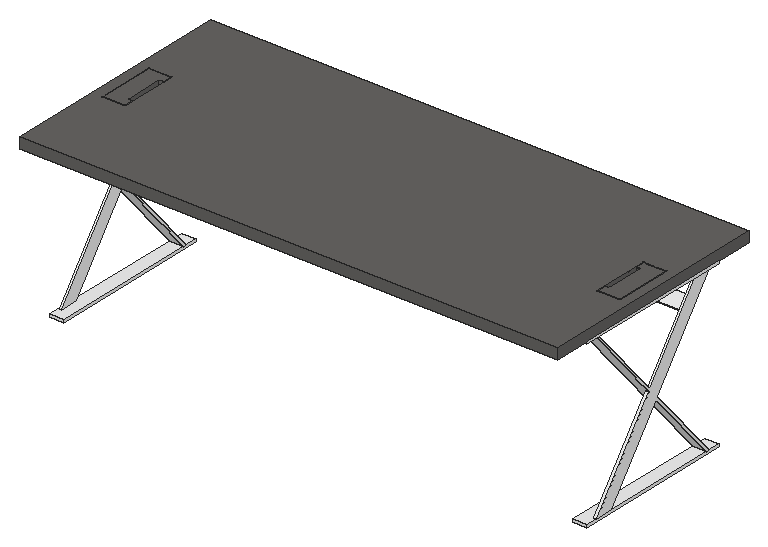
Revit family "Table-Teknion-ZXXT_X_Leg-R2011", category Furniture, Revit 2013
Parameters (values of type "(See Type Catalog)")
  With Grommets = yes
  Width = 90"
  Warranty = "http://www.teknionstudio.com/pdfs/Teknion%20Studio%20Warranty.pdf"
  Unit Weight = 0.00 lbf
  URL = "www.teknionstudio.com"
  Table Top Finish [instance] = Veneer - Teknion - P7 - Grey Oak
  Series = "B&B Italia"
  Product Page URL = "http://www.teknionstudio.com/acexecutive/"
  Product Line = "AC Executive"
  Product Documentation Link = "http://www.teknionstudio.com/pricing/ac_executive_ppg.pdf"
  Part Number = "ZXXT"
  Model = ""
  Manufacturer Phone = "919-464-2920"
  Manufacturer Fax = "919-464-2927"
  Manufacturer Email = "customersupport@teknionstudio.com"
  Manufacturer Address = "3940 US 70 Business HWY West, Clayton, NC 27520"
  Manufacturer = "Teknion Studio"  # constant formula
  Low Emitting Material = yes
  Low Emitting Finish = yes
  Height = 29.684"
  Grommet Void = if(With Grommets, 10 1/2", 2")  # 10 1/2"
  Frame Finish = Metal - Teknion - C6 - Chrome
  Description = ""
  Depth = 40"
  Assembly Code = "E2020200"
Reference planes (in)
  plane 1 "Center F/B": y = 0
  plane 2: z = 0
  plane 3 "Center L/R": x = 0
  plane 4 "Left": x = -45
  plane 5 "Right": x = 45
  plane 6 "Back": y = 20
  plane 7 "Front": y = -20
  plane 8 "Top": z = 29.684
  plane 9: z = 27.9123
  plane 10: y = 13.77955
  plane 11: y = -13.77955
  plane 12: z = 19.684
  plane 13: z = 30.184
Forms (in)
  Sweep 1, solid, material "Veneer - Teknion - P7 - Grey Oak" <- "Table Top Finish"
    path origin (0, 0, 15.40683) x (-1, 0, 0) y (0, -1, 0)
      loop
        line (-45, 0) -> (45, 0)
    profile origin (0, 0, 15.40683) x (0, -1, 0) y (0, 0, 1)
      loop
        line (-20, 14.27717) -> (-20, 12.50547) -> (20, 12.50547) -> (20, 14.27717) -> (-20, 14.27717)
  Sweep 2, solid, material "Metal - Teknion - C6 - Chrome" <- "Frame Finish"
    path origin (0, 0, 29.684) x (-1, 0, 0) y (0, -1, 0)
      loop
        line (0, -13.77955) -> (0, 13.77955)
    profile origin (0, 0, 29.684) x (1, 0, 0) y (0, 0, 1)
      loop
        line (-45, -1.7717) -> (-45, -2.1654) -> (-42.6378, -2.1654) -> (-42.6378, -1.7717) -> (-45, -1.7717)
      loop
        line (45, -1.7717) -> (42.6378, -1.7717) -> (42.6378, -2.1654) -> (45, -2.1654) -> (45, -1.7717)
      loop
        line (45, -29.2903) -> (42.6378, -29.2903) -> (42.6378, -29.684) -> (45, -29.684) -> (45, -29.2903)
      loop
        line (-45, -29.2903) -> (-45, -29.684) -> (-42.6378, -29.684) -> (-42.6378, -29.2903) -> (-45, -29.2903)
  Sweep 3, solid, material "Metal - Teknion - C6 - Chrome" <- "Frame Finish"
    path origin (0, 0, 29.684) x (-1, 0, 0) y (0, -1, 0)
      loop
        line (42.6378, 10.6496) -> (-42.6378, 10.6496)
    profile origin (0, -10.6496, 29.684) x (0, 1, 0) y (0, 0, 1)
      loop
        line (0.49215, -2.756) -> (0.49215, -1.7717) -> (-0.49215, -1.7717) -> (-0.49215, -2.756) -> (0.49215, -2.756)
  Sweep 4, solid, material "Metal - Teknion - C6 - Chrome" <- "Frame Finish"
    path origin (0, 0, 0) x (1, 0, 0) y (0, 0, 1)
      loop
        line (-45, 0) -> (-44.6063, 0)
    profile origin (-44.80315, 0, 0) x (0, 0, 1) y (0, -1, 0)
      loop
        line (27.5186, -8.842) -> (0.3937, 11.81102) -> (0.3937, 8.84203) -> (27.5186, -11.81099) -> (27.5186, -8.842)
  Sweep 5, solid, material "Metal - Teknion - C6 - Chrome" <- "Frame Finish"
    path origin (79.6063, 0, 0) x (1, 0, 0) y (0, 0, 1)
      loop
        line (-35, 0) -> (-34.6063, 0)
    profile origin (44.80315, 0, 0) x (0, 0, 1) y (0, -1, 0)
      loop
        line (27.5186, -11.81099) -> (27.5186, -8.842) -> (0.3937, 11.81102) -> (0.3937, 8.84203) -> (27.5186, -11.81099)
  Sweep 6, solid, material "Metal - Teknion - C6 - Chrome" <- "Frame Finish"
    path origin (0, 0, 0) x (1, 0, 0) y (0, 0, 1)
      loop
        line (-42.6378, 0) -> (-45, 0)
    profile origin (-43.8189, 0, 0) x (0, 0, -1) y (0, -1, 0)
      loop
        line (-27.51865, 11.81102) -> (-27.51865, 11.29386) -> (-0.39369, -11.81102) -> (-0.39369, -11.29386) -> (-27.51865, 11.81102)
  Sweep 7, solid, material "Metal - Teknion - C6 - Chrome" <- "Frame Finish"
    path origin (0, 0, 0) x (-1, 0, 0) y (0, 0, 1)
      loop
        line (-42.6378, 0) -> (-45, 0)
    profile origin (43.8189, 0, 0) x (0, 0, 1) y (0, -1, 0)
      loop
        line (27.51865, 11.29386) -> (27.51865, 11.81102) -> (0.39369, -11.29386) -> (0.39369, -11.81102) -> (27.51865, 11.29386)
  Sweep 8, solid, material "Metal - Teknion - C6 - Chrome" <- "Frame Finish"
    path origin (0, 0, 29.684) x (-1, 0, 0) y (0, -1, 0)
      loop
        line (45, 0) -> (-45, 0)
    profile origin (0, 0, 29.684) x (0, 1, 0) y (0, 0, 1)
      loop
        line (9.03022, -5.17226) -> (7.60049, -7.05266) -> (7.91389, -7.29094) -> (9.34361, -5.41054) -> (9.03022, -5.17226)
  Sweep 9, void
    path origin (0, 0, 0) x (1, 0, 0) y (0, 0, 1)
      loop
        line (0, 19.684) -> (0, 30.184)
    profile origin (0, 0, 24.934) x (-1, 0, 0) y (0, -1, 0)
      loop
        line (39.61319, -3.34646) -> (39.61319, -4.67008)
        arc (39.61319, -4.67008) -> (39.65015, -4.7593) -> (39.73937, -4.79626) r 0.12618
        line (39.73937, -4.79626) -> (43.17402, -4.79626)
        arc (43.17402, -4.79626) -> (43.26324, -4.7593) -> (43.3002, -4.67008) r 0.12618
        line (43.3002, -4.67008) -> (43.3002, 4.67008)
        arc (43.3002, 4.67008) -> (43.26324, 4.7593) -> (43.17402, 4.79626) r 0.12618
        line (43.17402, 4.79626) -> (39.73937, 4.79626)
        arc (39.73937, 4.79626) -> (39.65015, 4.7593) -> (39.61319, 4.67008) r 0.12618
        line (39.61319, 4.67008) -> (39.61319, 3.34646) -> (39.88189, 3.34646)
        arc (39.88189, 3.34646) -> (40.16028, 3.23114) -> (40.27559, 2.95276) r 0.3937
        line (40.27559, 2.95276) -> (40.27559, -2.95276)
        arc (40.27559, -2.95276) -> (40.16028, -3.23114) -> (39.88189, -3.34646) r 0.3937
        line (39.88189, -3.34646) -> (39.61319, -3.34646)
      loop
        arc (39.48819, -4.76378) -> (39.53431, -4.87513) -> (39.64567, -4.92126) r 0.15748
        line (39.64567, -4.92126) -> (43.26772, -4.92126)
        arc (43.26772, -4.92126) -> (43.37907, -4.87513) -> (43.4252, -4.76378) r 0.15748
        line (43.4252, -4.76378) -> (43.4252, 4.76378)
        arc (43.4252, 4.76378) -> (43.37907, 4.87513) -> (43.26772, 4.92126) r 0.15748
        line (43.26772, 4.92126) -> (39.64567, 4.92126)
        arc (39.64567, 4.92126) -> (39.53431, 4.87513) -> (39.48819, 4.76378) r 0.15748
        line (39.48819, 4.76378) -> (39.48819, -4.76378)
      loop
        line (-39.61319, -3.34646) -> (-39.88189, -3.34646)
        arc (-39.88189, -3.34646) -> (-40.16028, -3.23114) -> (-40.27559, -2.95276) r 0.3937
        line (-40.27559, -2.95276) -> (-40.27559, 2.95276)
        arc (-40.27559, 2.95276) -> (-40.16028, 3.23114) -> (-39.88189, 3.34646) r 0.3937
        line (-39.88189, 3.34646) -> (-39.61319, 3.34646) -> (-39.61319, 4.67008)
        arc (-39.61319, 4.67008) -> (-39.65015, 4.7593) -> (-39.73937, 4.79626) r 0.12618
        line (-39.73937, 4.79626) -> (-43.17402, 4.79626)
        arc (-43.17402, 4.79626) -> (-43.26324, 4.7593) -> (-43.3002, 4.67008) r 0.12618
        line (-43.3002, 4.67008) -> (-43.3002, -4.67008)
        arc (-43.3002, -4.67008) -> (-43.26324, -4.7593) -> (-43.17402, -4.79626) r 0.12618
        line (-43.17402, -4.79626) -> (-39.73937, -4.79626)
        arc (-39.73937, -4.79626) -> (-39.65015, -4.7593) -> (-39.61319, -4.67008) r 0.12618
        line (-39.61319, -4.67008) -> (-39.61319, -3.34646)
      loop
        line (-39.48819, -4.76378) -> (-39.48819, 4.76378)
        arc (-39.48819, 4.76378) -> (-39.53431, 4.87513) -> (-39.64567, 4.92126) r 0.15748
        line (-39.64567, 4.92126) -> (-43.26772, 4.92126)
        arc (-43.26772, 4.92126) -> (-43.37907, 4.87513) -> (-43.4252, 4.76378) r 0.15748
        line (-43.4252, 4.76378) -> (-43.4252, -4.76378)
        arc (-43.4252, -4.76378) -> (-43.37907, -4.87513) -> (-43.26772, -4.92126) r 0.15748
        line (-43.26772, -4.92126) -> (-39.64567, -4.92126)
        arc (-39.64567, -4.92126) -> (-39.53431, -4.87513) -> (-39.48819, -4.76378) r 0.15748
Cuts and joins
  Sweep 9 cuts Sweep 4
  Sweep 9 cuts Sweep 5
  joined: Sweep 4, Sweep 5, Sweep 6, Sweep 7, Sweep 8
  Sweep 9 cuts Sweep 1
Lines and regions (in)
  Masking region 1
    outline origin (0, 0, 29.684) x (-1, 0, 0) y (0, -1, 0)
      loop
        line (45, -20) -> (45, 20) -> (-45, 20) -> (-45, -20) -> (45, -20)
  symbolic lines, visible <- "With Grommets", detail levels medium+fine
    curve 1: arc (-40.27559, 2.95276, 29.684) -> (-40.16028, 3.23114, 29.684) -> (-39.88189, 3.34646, 29.684) r 0.3937
    curve 2: line (-39.88189, 3.34646, 29.684) -> (-39.48819, 3.34646, 29.684)
    curve 4: line (-39.48819, -3.34646, 29.684) -> (-39.88189, -3.34646, 29.684)
    curve 5: arc (-39.88189, -3.34646, 29.684) -> (-40.16028, -3.23114, 29.684) -> (-40.27559, -2.95276, 29.684) r 0.3937
    curve 6: line (-40.27559, -2.95276, 29.684) -> (-40.27559, 2.95276, 29.684)
    curve 12: arc (40.27559, 2.95276, 29.684) -> (40.16028, 3.23114, 29.684) -> (39.88189, 3.34646, 29.684) r 0.3937
    curve 13: line (39.88189, 3.34646, 29.684) -> (39.48819, 3.34646, 29.684)
    curve 15: line (39.48819, -3.34646, 29.684) -> (39.88189, -3.34646, 29.684)
    curve 16: arc (39.88189, -3.34646, 29.684) -> (40.16028, -3.23114, 29.684) -> (40.27559, -2.95276, 29.684) r 0.3937
    curve 17: line (40.27559, -2.95276, 29.684) -> (40.27559, 2.95276, 29.684)
  symbolic lines, visible <- "With Grommets"
    curve 3: line (-39.48819, 4.76378, 29.684) -> (-39.48819, -4.76378, 29.684)
    curve 7: line (-39.64567, -4.92126, 29.684) -> (-43.26772, -4.92126, 29.684)
    curve 8: arc (-39.64567, -4.92126, 29.684) -> (-39.53431, -4.87513, 29.684) -> (-39.48819, -4.76378, 29.684) r 0.15748
    curve 9: arc (-43.4252, -4.76378, 29.684) -> (-43.37907, -4.87513, 29.684) -> (-43.26772, -4.92126, 29.684) r 0.15748
    curve 10: line (-43.4252, -4.76378, 29.684) -> (-43.4252, 4.76378, 29.684)
    curve 11: arc (-39.48819, 4.76378, 29.684) -> (-39.53431, 4.87513, 29.684) -> (-39.64567, 4.92126, 29.684) r 0.15748
    curve 14: line (39.48819, 4.76378, 29.684) -> (39.48819, -4.76378, 29.684)
    curve 18: line (39.64567, -4.92126, 29.684) -> (43.26772, -4.92126, 29.684)
    curve 19: line (43.4252, -4.76378, 29.684) -> (43.4252, 4.76378, 29.684)
    curve 20: line (43.26772, 4.92126, 29.684) -> (39.64567, 4.92126, 29.684)
    curve 21: line (-43.26772, 4.92126, 29.684) -> (-39.64567, 4.92126, 29.684)
    curve 22: arc (-39.64567, 4.92126, 29.684) -> (-39.53431, 4.87513, 29.684) -> (-39.48819, 4.76378, 29.684) r 0.15748
    curve 23: arc (39.64567, -4.92126, 29.684) -> (39.53431, -4.87513, 29.684) -> (39.48819, -4.76378, 29.684) r 0.15748
    curve 24: arc (43.4252, -4.76378, 29.684) -> (43.37907, -4.87513, 29.684) -> (43.26772, -4.92126, 29.684) r 0.15748
    curve 25: arc (39.48819, 4.76378, 29.684) -> (39.53431, 4.87513, 29.684) -> (39.64567, 4.92126, 29.684) r 0.15748
    curve 26: arc (43.26772, 4.92126, 29.684) -> (43.37907, 4.87513, 29.684) -> (43.4252, 4.76378, 29.684) r 0.15748
    curve 27: arc (-43.4252, 4.76378, 29.684) -> (-43.37907, 4.87513, 29.684) -> (-43.26772, 4.92126, 29.684) r 0.15748
  symbolic lines, style "FurnitureHiddenLines", detail levels medium+fine
    curve 28: line (-45, 13.77955, 29.684) -> (-42.6378, 13.77955, 29.684)
    curve 29: line (-42.6378, 13.77955, 29.684) -> (-42.6378, -13.77955, 29.684)
    curve 30: line (-42.6378, -13.77955, 29.684) -> (-45, -13.77955, 29.684)
    curve 31: line (45, 13.77955, 29.684) -> (42.6378, 13.77955, 29.684)
    curve 32: line (42.6378, 13.77955, 29.684) -> (42.6378, -13.77955, 29.684)
    curve 33: line (42.6378, -13.77955, 29.684) -> (45, -13.77955, 29.684)
Dimensions and locks (in)
  "Height": plane 8 "Top" to plane 2
  equal spacing: plane 4 "Left", plane 3 "Center L/R", plane 5 "Right"
  "Width": plane 4 "Left" to plane 5 "Right"
  equal spacing: plane 6 "Back", plane 1 "Center F/B", plane 7 "Front"
  "Depth": plane 6 "Back" to plane 7 "Front"
  locked: plane 8 "Top" to plane 9 at 1.7717
  locked: plane 9 to Sweep 2 sketch curve at 0.3937  (x2)
  locked: plane 4 "Left" to Sweep 2 sketch curve at 2.3622  (x2)
  locked: Sweep 2 sketch curve to plane 5 "Right" at 2.3622  (x2)
  locked: Sweep 2 sketch curve to plane 2 at 0.3937  (x2)
  locked: plane 1 "Center F/B" to plane 10 at 13.77955
  equal spacing: plane 10, plane 1 "Center F/B", plane 11
  locked: Sweep 3 sketch curve to plane 1 "Center F/B" at 10.6496
  locked: plane 4 "Left" to Sweep 3 sketch curve at 2.3622
  locked: Sweep 3 sketch curve to plane 5 "Right" at 2.3622
  locked: Sweep 3 sketch curve to plane 9 at 0.9843
  equal spacing: Sweep 3 sketch curve, profile plane, Sweep 3 sketch curve, locked at 0.49215 each
  locked: Sweep 4 sketch curve to plane 4 "Left" at 0.3937
  locked: plane 9 to Sweep 4 sketch curve at 0.3937
  locked: Sweep 4 sketch curve to plane 2 at 0.3937
  locked: Sweep 4 sketch curve to Sweep 4 sketch curve at 2.3622
  Sweep 4 sketch curve to plane 1 "Center F/B" to Sweep 4 sketch curve = 11.81099" locked, 11.81102" locked
  locked: plane 5 "Right" to Sweep 5 sketch curve at 0.3937
  locked: Sweep 5 sketch curve to Sweep 5 sketch curve at 2.3622
  locked: plane 9 to Sweep 5 sketch curve at 0.3937
  locked: Sweep 5 sketch curve to plane 2 at 0.3937
  Sweep 5 sketch curve to plane 1 "Center F/B" to Sweep 5 sketch curve = 11.81099" locked, 11.81102" locked
  locked: Sweep 6 sketch curve to plane 4 "Left" at 2.3622
  locked: Sweep 6 sketch curve to Sweep 6 sketch curve at 0.3937
  locked: plane 9 to Sweep 6 sketch curve at 0.39365
  locked: Sweep 6 sketch curve to plane 2 at 0.39369
  Sweep 6 sketch curve to plane 1 "Center F/B" to Sweep 6 sketch curve = 11.81102" locked, 11.81102" locked
  locked: plane 5 "Right" to Sweep 7 sketch curve at 2.3622
  locked: plane 9 to Sweep 7 sketch curve at 0.39365
  locked: Sweep 7 sketch curve to plane 2 at 0.39369
  locked: Sweep 7 sketch curve to Sweep 7 sketch curve at 0.3937
  Sweep 7 sketch curve to plane 1 "Center F/B" to Sweep 7 sketch curve = 11.81102" locked, 11.81102" locked
  locked: Sweep 8 sketch curve to Sweep 8 sketch curve at 0.3937
  locked: Sweep 8 sketch curve to Sweep 8 sketch curve at 2.3622
  plane 8 "Top" to Sweep 8 sketch curve to Sweep 8 sketch curve = 5.17226" locked, 2.11869" locked
  locked: plane 8 "Top" to plane 12 at 10
  "Grommet Void": plane 13 to plane 12
  locked: plane 4 "Left" to Sweep 9 sketch curve at 5.51181
  Sweep 9 sketch curve to plane 1 "Center F/B" to Sweep 9 sketch curve = 3.34646" locked, 3.34646" locked  (x2)
  locked: Sweep 9 sketch curve to Sweep 9 sketch curve at 0.7874  (x2)
  Sweep 9 sketch curve to plane 1 "Center F/B" to Sweep 9 sketch curve = 4.92126" locked, 4.92126" locked  (x2)
  locked: Sweep 9 sketch curve to plane 5 "Right" at 5.51181
  locked: plane 4 "Left" to curve 29 at 2.3622
  locked: curve 32 to plane 5 "Right" at 2.3622
  aligned and locked: level to plane 2
  aligned and locked: Sweep 1 sketch curve to plane 1 "Center F/B"
  aligned and locked: plane 4 "Left" to Sweep 1 sketch curve
  aligned and locked: plane 5 "Right" to Sweep 1 sketch curve
  aligned and locked: plane 9 to Sweep 1 sketch curve
  aligned and locked: Sweep 1 sketch curve to plane 8 "Top"
  aligned and locked: Sweep 1 sketch curve to plane 7 "Front"
  aligned and locked: Sweep 1 sketch curve to plane 6 "Back"
  aligned and locked: Sweep 2 sketch curve to plane 3 "Center L/R"
  aligned and locked: plane 10 to Sweep 2 sketch curve
  aligned and locked: plane 11 to Sweep 2 sketch curve
  aligned and locked: plane 4 "Left" to Sweep 2 sketch curve  (x2)
  aligned and locked: Sweep 2 sketch curve to plane 9  (x2)
  aligned and locked: plane 5 "Right" to Sweep 2 sketch curve
  aligned and locked: plane 2 to Sweep 2 sketch curve  (x2)
  aligned and locked: plane 9 to Sweep 3 sketch curve
  aligned and locked: Sweep 4 sketch curve to plane 2
  aligned and locked: plane 4 "Left" to Sweep 4 sketch curve
  aligned and locked: plane 2 to Sweep 5 sketch curve
  aligned and locked: plane 5 "Right" to Sweep 5 sketch curve
  aligned and locked: plane 2 to Sweep 6 sketch curve
  aligned and locked: plane 4 "Left" to Sweep 6 sketch curve
  aligned and locked: plane 2 to Sweep 7 sketch curve
  aligned and locked: plane 5 "Right" to Sweep 7 sketch curve
  aligned and locked: plane 4 "Left" to Sweep 8 sketch curve
  aligned and locked: plane 5 "Right" to Sweep 8 sketch curve
  aligned and locked: plane 1 "Center F/B" to Sweep 8 sketch curve
  aligned and locked: plane 3 "Center L/R" to Sweep 9 sketch curve
  aligned and locked: plane 13 to Sweep 9 sketch curve
  aligned and locked: plane 12 to Sweep 9 sketch curve
  aligned and locked: Masking region 1 sketch curve to plane 6 "Back"
  aligned and locked: Masking region 1 sketch curve to plane 7 "Front"
  aligned and locked: Masking region 1 sketch curve to plane 5 "Right"
  aligned and locked: Masking region 1 sketch curve to plane 4 "Left"
  aligned and locked: curve 1 to cut or joined group of Sweep 1, Sweep 9
  aligned and locked: curve 4 to cut or joined group of Sweep 1, Sweep 9
  aligned and locked: curve 5 to cut or joined group of Sweep 1, Sweep 9
  aligned and locked: curve 22 to curve 11
  aligned and locked: curve 21 to curve 11
  aligned and locked: curve 23 to cut or joined group of Sweep 1, Sweep 9
  aligned and locked: curve 24 to cut or joined group of Sweep 1, Sweep 9
  aligned and locked: curve 25 to cut or joined group of Sweep 1, Sweep 9
  aligned and locked: curve 26 to cut or joined group of Sweep 1, Sweep 9
  aligned and locked: curve 27 to cut or joined group of Sweep 1, Sweep 9
  aligned and locked: plane 4 "Left" to curve 28
  aligned and locked: plane 4 "Left" to curve 30
  aligned and locked: plane 11 to curve 30
  aligned and locked: curve 28 to plane 10
  aligned and locked: plane 5 "Right" to curve 31
  aligned and locked: plane 5 "Right" to curve 33
  aligned and locked: plane 10 to curve 31
  aligned and locked: curve 33 to plane 11
Automatic sketch dimensions
  Sweep 2 sketch curve to Sweep 2 sketch curve = 2.3622"
  profile plane to Sweep 3 sketch curve = 0.49215"
  Sweep 8 sketch curve to profile plane = 7.60049"
  Sweep 9 sketch curve to Sweep 9 sketch curve = 0.0937"  (x16)
  Sweep 9 sketch curve to plane 1 "Center F/B" = 4.76378"
  Sweep 9 sketch curve to Sweep 9 sketch curve = 1/8"
  Sweep 9 sketch curve to Sweep 9 sketch curve = 0.03248"  (x4)
  Sweep 9 sketch curve to Sweep 9 sketch curve = 0.2687"  (x2)
  Sweep 9 sketch curve to Sweep 9 sketch curve = 0.3937"  (x2)
  Sweep 9 sketch curve to Sweep 9 sketch curve = 2.99213"  (x3)
  Sweep 9 sketch curve to Sweep 9 sketch curve = 0.6624"
  Sweep 9 sketch curve to Sweep 9 sketch curve = 0.12618"
  Sweep 9 sketch curve to Sweep 9 sketch curve = 2 115/128"
  curve 17 to curve 13 = 0.7874"
  curve 16 to curve 16 = 0.3937"
  curve 13 to curve 13 = 0.3937"
  curve 8 to curve 4 = 0.3937"
  curve 8 to curve 8 = 0.15748"
  curve 11 to curve 21 = 0.15748"
  curve 9 to curve 9 = 0.15748"
  curve 19 to curve 26 = 0"
  curve 14 to curve 25 = 0"
  curve 25 to curve 12 = 1.41732"
  curve 17 to curve 23 = 1.81102"
  curve 4 to curve 3 = 1.41732"
